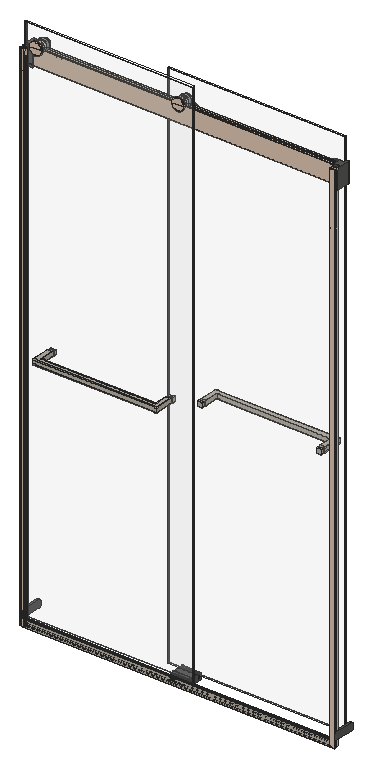
Revit family "Shower-Shower_Door-KOHLER-Levity-K-706017_1", category Specialty Equipment, host Face, Revit 2021 (continued)
Definition of nested family "K-706017"
  Automatic sketch dimensions
    curve 149 to plane 10 = 0"
    curve 147 to plane 10 = 0"
    curve 172 to plane 13 = 0"
    curve 169 to plane 13 = 0"
    curve 175 to plane 13 = 0"
    curve 166 to plane 31 = 0"
    plane 37 to curve 26 = 0"
    plane 37 to curve 21 = 0"
    plane 37 to curve 35 = 0"
    plane 37 to curve 47 = 0"
    plane 37 to curve 48 = 0"
    curve 163 to plane 12 = 0"
    curve 152 to plane 12 = 0"
    curve 162 to plane 12 = 0"
    curve 161 to plane 12 = 0"
    plane 40 to curve 224 = 0.0081"
    curve 223 to plane 40 = 0.01189"
    curve 222 to plane 40 = 0.01299"
    curve 38 to curve 223 = 0.13729"
    curve 43 to plane 40 = 0.14917"
    level to curve 49 = 0.07617"
    curve 165 to plane 13 = 0.22076"
    curve 145 to plane 13 = 0.22076"
    curve 28 to curve 155 = 0"
    plane 29 to curve 180 = 0.32772"
    plane 29 to curve 181 = 0.32772"
    curve 178 to plane 29 = 0.67221"
    curve 179 to curve 178 = 0"
    plane 38 to curve 170 = 0.01732"
    plane 38 to curve 166 = 0.01732"
    plane 38 to curve 175 = 0.0104"
    curve 21 to plane 31 = 0.13643"
    plane 31 to curve 223 = 0.11954"
    plane 31 to curve 169 = 0.12131"
    curve 38 to curve 223 = 0.00719"
    curve 168 to curve 171 = 0.19471"
    curve 171 to curve 172 = 0.10373"
    plane 31 to curve 178 = 0.71713"
    plane 31 to curve 180 = 0.71713"
    curve 178 to curve 179 = 0.3937"
    curve 180 to curve 181 = 0.3937"
    curve 174 to plane 1 "Center (Front/Back)" = 0.23248"
    curve 176 to plane 1 "Center (Front/Back)" = 0.10773"
    curve 160 to plane 36 = 0.1905"
    curve 155 to plane 36 = 0.20278"
    curve 155 to curve 28 = 0.06208"
    curve 34 to plane 36 = 0.75616"
    plane 40 to curve 48 = 1.08897"
    curve 36 to plane 31 = 0.25969"
    plane 40 to curve 36 = 1.08897"
    plane 40 to curve 159 = 0.01507"
    plane 40 to curve 41 = 0.01507"
    plane 40 to curve 37 = 0.01507"
    curve 43 to curve 156 = 0"
    curve 158 to plane 40 = 0.14917"
    curve 38 to curve 159 = 0"
    curve 49 to curve 50 = 0.08351"
    curve 35 to curve 34 = 0"
    plane 13 to curve 146 = 0.42482"
    curve 146 to curve 144 = 0"  (x2)
    curve 144 to plane 29 = 0.65912"
    curve 24 to plane 15 "B" = 0.54747"
    curve 24 to curve 23 = 0"
    curve 26 to plane 15 "B" = 0.65912"
    curve 26 to curve 164 = 0"
    curve 23 to curve 22 = 0.16229"
    curve 25 to plane 1 "Center (Front/Back)" = 0.10773"
    curve 24 to curve 25 = 0.16338"
    curve 158 to plane 31 = 0.19969"
    curve 152 to plane 31 = 0.19969"
    curve 148 to plane 31 = 0.25969"
    curve 146 to plane 31 = 0.25969"
    curve 39 to curve 158 = 0.06"
    curve 37 to curve 39 = 0.0309"
    curve 37 to curve 37 = 0.17676"
    curve 144 to curve 146 = 0.2937"
    plane 31 to curve 161 = 0.06131"
    plane 31 to curve 153 = 0.06131"
    curve 159 to curve 38 = 0.05822"
    curve 161 to curve 21 = 0.05019"
    curve 153 to curve 36 = 0.06"
    plane 31 to curve 147 = 0.12131"
    curve 153 to curve 27 = 0.06"
    curve 222 to curve 224 = 1.10263"
    curve 170 to curve 20 = 0.09418"
    curve 20 to curve 22 = 0.32487"
    curve 23 to curve 174 = 0.20104"
    curve 39 to plane 1 "Center (Front/Back)" = 0.39801"
    curve 23 to curve 24 = 0.12547"
    curve 41 to plane 1 "Center (Front/Back)" = 0.10773"
    curve 149 to plane 1 "Center (Front/Back)" = 0.10773"
    curve 40 to plane 1 "Center (Front/Back)" = 0.10773"
    curve 28 to plane 1 "Center (Front/Back)" = 0.10773"
    curve 162 to plane 1 "Center (Front/Back)" = 0.03791"
    curve 151 to plane 1 "Center (Front/Back)" = 0.03791"
    curve 156 to plane 1 "Center (Front/Back)" = 0.03791"
    plane 1 "Center (Front/Back)" to curve 43 = 0.01927"
    curve 157 to curve 43 = 0.06"
    curve 150 to curve 155 = 0.07228"
    curve 163 to plane 36 = 0.1305"
    curve 164 to plane 36 = 0.1905"
    curve 154 to curve 155 = 0.01228"
    curve 49 to plane 36 = 0.20278"
    curve 49 to curve 50 = 0.00413"
    curve 29 to curve 44 = 0.00127"
    curve 49 to curve 42 = 0.06336"
    curve 44 to curve 46 = 0.02954"
    curve 42 to curve 31 = 0.02954"
    curve 31 to curve 32 = 0.02908"
    curve 46 to curve 45 = 0.02908"
    curve 45 to curve 26 = 0.17155"
    curve 26 to curve 20 = 0.20721"
    curve 33 to curve 34 = 0.02476"
    curve 45 to curve 47 = 0.40663"
    curve 47 to curve 48 = 0.02476"
    curve 48 to curve 40 = 0.03044"
    curve 30 to plane 36 = 0.84312"
    curve 227 to plane 10 = 0"
    curve 231 to plane 9 = 0"
    curve 229 to plane 27 = 0.00275"
    curve 227 to plane 27 = 0.05275"
    plane 9 to curve 230 = 0.05"
    curve 227 to plane 24 = 0.32775"
    curve 231 to plane 24 = 0.32775"
    curve 225 to plane 10 = 0.05"
    radius of curve 5 = 0.89598"
    radius of curve 6 = 0.9408"
    radius of curve 7 = 0.89414"
    radius of curve 8 = 0.93567"
    radius of curve 178 = 0.11756"
    radius of curve 179 = 0.11756"
    radius of curve 180 = 0.11756"
    radius of curve 181 = 0.11756"
Types (5): name | Type | Towel Bar Finish | Secondary Finish | Model | Finish
  (no name) | 1 | Kohler-Metal-BV-Brushed_Bronze | Kohler-Plastic-BV-Brushed_Bronze | "K-706017-L-ABV" | Kohler-Metal-ABV-Anodized_Brushed_Bronze
  ABV-Anodized Brushed Bronze | 1 | Kohler-Metal-BV-Brushed_Bronze | Kohler-Plastic-BV-Brushed_Bronze | "K-706017-L-ABV" | Kohler-Metal-ABV-Anodized_Brushed_Bronze
  NX-Brushed Nickel | 2 | Kohler-Metal-BN-Vibrant_Brushed_Nickel | KOHLER-Plastic-BN-Vibrant_Brushed_Nickel | "K-706017-L-NX" | Kohler-Metal-NX-Brushed_Nickel
  SHP-Bright Polished Silver | 3 | Kohler-Metal-CP-Polished_Chrome | Kohler-Plastic-CP-Polished_Chrome | "K-706017-L-SHP" | Kohler-Metal-SHP-Bright_Polished_Silver
  SH-Bright Silver | 4 | Kohler-Metal-CP-Polished_Chrome | Kohler-Plastic-CP-Polished_Chrome | "K-706017-L-SH" | Kohler-Metal-SH-Bright_Silver
